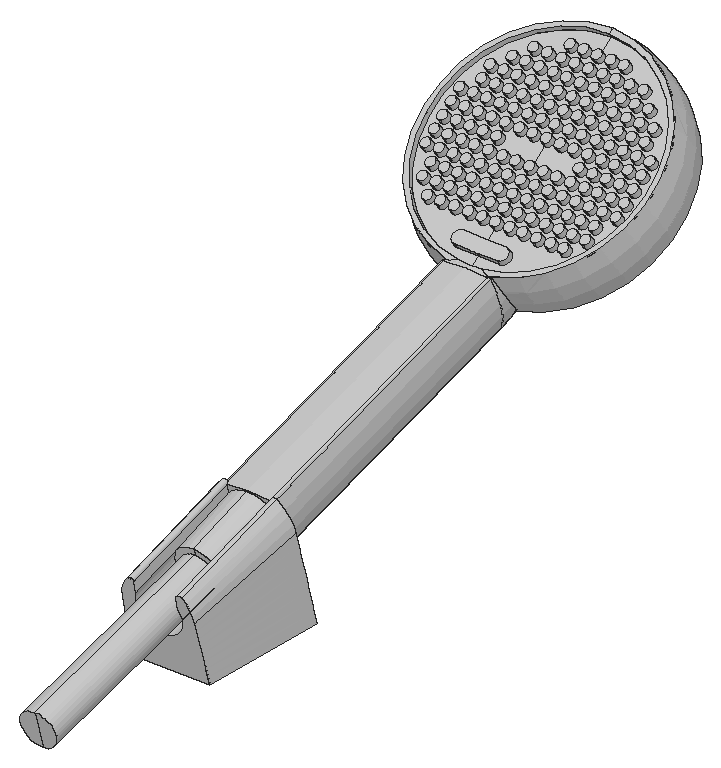
Revit family "Sanitary_Showers_hansgrohe_28052XXX-Activera-Select-S-Shower-holder-set-95_2jet_EcoSmart_shower-hose-125", category Plumbing Fixtures, host Face, Revit 2022
Family settings
  Host = Face
  Round Connector Dimension = Use Diameter
  Part Type = Normal
  OmniClass Number = 23.31.17.00
  OmniClass Title = Showers
  Cut with Voids When Loaded = Yes
  Maintain Annotation Orientation = No
  Shared = No
  Room Calculation Point = No
Parameters (values of type "000 Chrome")
  Version = 1  # constant formula
  URL = "https://www.hansgrohe.com/"
  Product data url = "https://www.bimobject.com/en/hansgrohe/product/28052XXX"
  Product Page URL = "https://www.hansgrohe.com/articledetail--28052000"
  Model = "28052XXX"  # constant formula
  Material 1 = Hansgrohe - Metal - 000 Chrome
  Manufacturer = "Hansgrohe"  # constant formula
  Description = "Activera Select S Shower holder set 95 2jet EcoSmart with shower hose 125 cm"  # constant formula
  Default Elevation = 0 mm
  Date Updated = ""
  Date Created = "2025/02/21"  # constant formula
Types (3, lengths in mm): name | Product Page URL | Material 1
  (no name) | "https://www.hansgrohe.com/articledetail--28052000" | Hansgrohe - Metal - 000 Chrome
  000 Chrome | "https://www.hansgrohe.com/articledetail--28052000" | Hansgrohe - Metal - 000 Chrome
  670 Matt Black | "https://www.hansgrohe.com/articledetail--28052670" | Hansgrohe - Metal - 670 Matte Black
Reference planes
  plane 1 "Center (Front/Back)": y = 0
  plane 2: z = 0
  plane 3 "Center (Left/Right)": x = 0
Forms (mm)
  Blend 1, solid, material "Hansgrohe - Metal - 000 Chrome" <- "Material 1", detail levels fine
    base sketch origin (0, -29.849, 13.242) x (0, 0.241922, -0.970296) y (-1, 0, 0)
      loop
        line (13.647, -16.253) -> (13.647, 16.253) -> (-12.368, 15.194)
        arc (-12.368, 15.194) -> (-17.383, 14.085) -> (-21.703, 11.307) r 14.587
        arc (-21.703, 11.307) -> (-22.063, 9.727) -> (-20.724, 8.814) r 1.439
        line (-20.724, 8.814) -> (-15.955, 8.814)
        arc (-15.955, 8.814) -> (-1.871, 0) -> (-15.955, -8.814) r 9.8
        line (-15.955, -8.814) -> (-20.724, -8.814)
        arc (-20.724, -8.814) -> (-22.063, -9.727) -> (-21.703, -11.307) r 1.439
        arc (-21.703, -11.307) -> (-17.383, -14.085) -> (-12.368, -15.194) r 14.587
        line (-12.368, -15.194) -> (13.647, -16.253)
    top sketch origin (0, -29.849, 13.242) x (0, 0.241922, -0.970296) y (-1, 0, 0)
      loop
        line (-23.359, 9.044) -> (-18.503, 9.044)
        arc (-18.503, 9.044) -> (-4.93, 0) -> (-18.503, -9.044) r 9.8
        line (-18.503, -9.044) -> (-23.359, -9.044)
        arc (-23.359, -9.044) -> (-24.645, -9.891) -> (-24.376, -11.406) r 1.4
        arc (-24.376, -11.406) -> (-18.695, -15.44) -> (-11.904, -16.995) r 17.878
        line (-11.904, -16.995) -> (26.59, -18.113) -> (26.59, 18.113) -> (-11.904, 16.995)
        arc (-11.904, 16.995) -> (-18.695, 15.44) -> (-24.376, 11.406) r 17.878
        arc (-24.376, 11.406) -> (-24.645, 9.891) -> (-23.359, 9.044) r 1.4
    from 0 to 51.91
  Revolve 2, solid, material "Hansgrohe - Metal - 000 Chrome" <- "Material 1", detail levels fine
    sketch origin (0, 0, 0) x (0, 1, 0) y (0, 0, 1)
      loop
        line (-95.68, 7.934) -> (16.753, 38.061) -> (13.743, 49.296) -> (-14.828, 40.013) -> (-14.178, 37.589) -> (-97.634, 15.227) -> (-95.68, 7.934)
      axis (16.753, 38.061) -> (-95.68, 7.934)
    angle from 0 to 360
  Sweep 3, solid, material "Hansgrohe - Metal - 000 Chrome" <- "Material 1", detail levels fine
    path origin (0, 0, 0) x (0, 1, 0) y (0, 0, 1)
      loop
        line (16.771, 37.994) -> (130.749, 71.54)
        arc (130.749, 71.54) -> (134.829, 73.141) -> (138.567, 75.431) r 25
    profile origin (0, 16.771, 37.994) x (0, -0.282341, 0.959314) y (1, 0, 0)
      loop
        arc (10.586, -10.12) -> (11.012, -9.82) -> (11.229, -9.347) r 1
        arc (11.229, -9.347) -> (12.014, 0) -> (11.229, 9.347) r 56.037
        arc (11.229, 9.347) -> (11.012, 9.82) -> (10.586, 10.12) r 1
        arc (10.586, 10.12) -> (0, 11.994) -> (-10.586, 10.12) r 30.835
        arc (-10.586, 10.12) -> (-11.012, 9.82) -> (-11.229, 9.347) r 1
        arc (-11.229, 9.347) -> (-12.014, 0) -> (-11.229, -9.347) r 56.037
        arc (-11.229, -9.347) -> (-11.012, -9.82) -> (-10.586, -10.12) r 1
        arc (-10.586, -10.12) -> (0, -11.994) -> (10.586, -10.12) r 30.835
  Revolve 4, solid, material "Hansgrohe - Metal - 000 Chrome" <- "Material 1", detail levels fine
    sketch origin (0, 0, 0) x (0, 1, 0) y (0, 0, 1)
      loop
        arc (218.266, 119.458) -> (212.668, 130.299) -> (204.087, 138.974) r 40.382
        line (204.087, 138.974) -> (202.453, 137.763) -> (203.859, 135.865) -> (167.081, 108.75) -> (180.835, 90.188)
        arc (180.835, 90.188) -> (199.798, 104.506) -> (218.266, 119.458) r 702.416
      axis (165.741, 110.559) -> (180.835, 90.188)
    angle from 0 to 360
  Revolve 5, void
    sketch origin (0, 0, 0) x (0, 1, 0) y (0, 0, 1)
      loop
        line (169.372, 105.658) -> (206.15, 132.773) -> (200.414, 140.514) -> (163.702, 113.31) -> (169.372, 105.658)
      axis (163.702, 113.31) -> (169.438, 105.569)
    angle from 0 to 360
  Extrusion 6, solid, material "Hansgrohe - Metal - 000 Chrome" <- "Material 1", detail levels fine
    sketch origin (0, 167.147, 108.661) x (0, 0.803459, 0.59536) y (-1, 0, 0)
      loop
        circle (-1.101, 39.597) r 2
      loop
        circle (-1.101, 33.958) r 2
      loop
        circle (-1.101, 28.283) r 2
      loop
        circle (-1.101, 22.759) r 2
      loop
        circle (-1.101, 17.011) r 2
      loop
        circle (4.399, 39.597) r 2
      loop
        circle (4.399, 33.958) r 2
      loop
        circle (4.399, 28.283) r 2
      loop
        circle (4.399, 22.759) r 2
      loop
        circle (4.399, 17.011) r 2
      loop
        circle (4.399, 11.097) r 2
      loop
        circle (4.399, 5.573) r 2
      loop
        circle (4.399, -0.175) r 2
      loop
        circle (9.899, 39.597) r 2
      loop
        circle (9.899, 33.958) r 2
      loop
        circle (9.899, 28.283) r 2
      loop
        circle (9.899, 22.759) r 2
      loop
        circle (9.899, 17.011) r 2
      loop
        circle (9.899, 11.097) r 2
      loop
        circle (9.899, 5.573) r 2
      loop
        circle (9.899, -0.175) r 2
      loop
        circle (15.399, 33.958) r 2
      loop
        circle (15.399, 28.283) r 2
      loop
        circle (15.399, 22.759) r 2
      loop
        circle (15.399, 17.011) r 2
      loop
        circle (15.399, 11.097) r 2
      loop
        circle (15.399, 5.573) r 2
      loop
        circle (15.399, -0.175) r 2
      loop
        circle (20.899, 33.958) r 2
      loop
        circle (20.899, 28.283) r 2
      loop
        circle (20.899, 22.759) r 2
      loop
        circle (20.899, 17.011) r 2
      loop
        circle (20.899, 11.097) r 2
      loop
        circle (20.899, 5.573) r 2
      loop
        circle (20.899, -0.175) r 2
      loop
        circle (26.399, 28.283) r 2
      loop
        circle (26.399, 22.759) r 2
      loop
        circle (26.399, 17.011) r 2
      loop
        circle (26.399, 11.097) r 2
      loop
        circle (26.399, 5.573) r 2
      loop
        circle (26.399, -0.175) r 2
      loop
        circle (31.899, 22.759) r 2
      loop
        circle (31.899, 17.011) r 2
      loop
        circle (31.899, 11.097) r 2
      loop
        circle (31.899, 5.573) r 2
      loop
        circle (31.899, -0.175) r 2
      loop
        circle (37.399, 11.097) r 2
      loop
        circle (37.399, 5.573) r 2
      loop
        circle (37.399, -0.175) r 2
      loop
        circle (-1.101, -39.947) r 2
      loop
        circle (-1.101, -34.307) r 2
      loop
        circle (-1.101, -28.633) r 2
      loop
        circle (-1.101, -23.108) r 2
      loop
        circle (-1.101, -17.361) r 2
      loop
        circle (4.399, -39.947) r 2
      loop
        circle (4.399, -34.307) r 2
      loop
        circle (4.399, -28.633) r 2
      loop
        circle (4.399, -23.108) r 2
      loop
        circle (4.399, -17.361) r 2
      loop
        circle (4.399, -11.447) r 2
      loop
        circle (4.399, -5.922) r 2
      loop
        circle (9.899, -39.947) r 2
      loop
        circle (9.899, -34.307) r 2
      loop
        circle (9.899, -28.633) r 2
      loop
        circle (9.899, -23.108) r 2
      loop
        circle (9.899, -17.361) r 2
      loop
        circle (9.899, -11.447) r 2
      loop
        circle (9.899, -5.922) r 2
      loop
        circle (15.399, -34.307) r 2
      loop
        circle (15.399, -28.633) r 2
      loop
        circle (15.399, -23.108) r 2
      loop
        circle (15.399, -17.361) r 2
      loop
        circle (15.399, -11.447) r 2
      loop
        circle (15.399, -5.922) r 2
      loop
        circle (20.899, -34.307) r 2
      loop
        circle (20.899, -28.633) r 2
      loop
        circle (20.899, -23.108) r 2
      loop
        circle (20.899, -17.361) r 2
      loop
        circle (20.899, -11.447) r 2
      loop
        circle (20.899, -5.922) r 2
      loop
        circle (26.399, -28.633) r 2
      loop
        circle (26.399, -23.108) r 2
      loop
        circle (26.399, -17.361) r 2
      loop
        circle (26.399, -11.447) r 2
      loop
        circle (26.399, -5.922) r 2
      loop
        circle (31.899, -23.108) r 2
      loop
        circle (31.899, -17.361) r 2
      loop
        circle (31.899, -11.447) r 2
      loop
        circle (31.899, -5.922) r 2
      loop
        circle (37.399, -11.447) r 2
      loop
        circle (37.399, -5.922) r 2
      loop
        circle (-6.601, 39.597) r 2
      loop
        circle (-6.601, 33.958) r 2
      loop
        circle (-6.601, 28.283) r 2
      loop
        circle (-6.601, 22.759) r 2
      loop
        circle (-6.601, 17.011) r 2
      loop
        circle (-6.601, 11.097) r 2
      loop
        circle (-6.601, 5.573) r 2
      loop
        circle (-6.601, -0.175) r 2
      loop
        circle (-12.101, 39.597) r 2
      loop
        circle (-12.101, 33.958) r 2
      loop
        circle (-12.101, 28.283) r 2
      loop
        circle (-12.101, 22.759) r 2
      loop
        circle (-12.101, 17.011) r 2
      loop
        circle (-12.101, 11.097) r 2
      loop
        circle (-12.101, 5.573) r 2
      loop
        circle (-12.101, -0.175) r 2
      loop
        circle (-17.601, 33.958) r 2
      loop
        circle (-17.601, 28.283) r 2
      loop
        circle (-17.601, 22.759) r 2
      loop
        circle (-17.601, 17.011) r 2
      loop
        circle (-17.601, 11.097) r 2
      loop
        circle (-17.601, 5.573) r 2
      loop
        circle (-17.601, -0.175) r 2
      loop
        circle (-23.101, 33.958) r 2
      loop
        circle (-23.101, 28.283) r 2
      loop
        circle (-23.101, 22.759) r 2
      loop
        circle (-23.101, 17.011) r 2
      loop
        circle (-23.101, 11.097) r 2
      loop
        circle (-23.101, 5.573) r 2
      loop
        circle (-23.101, -0.175) r 2
      loop
        circle (-28.601, 28.283) r 2
      loop
        circle (-28.601, 22.759) r 2
      loop
        circle (-28.601, 17.011) r 2
      loop
        circle (-28.601, 11.097) r 2
      loop
        circle (-28.601, 5.573) r 2
      loop
        circle (-28.601, -0.175) r 2
      loop
        circle (-6.601, -39.947) r 2
      loop
        circle (-6.601, -34.307) r 2
      loop
        circle (-6.601, -28.633) r 2
      loop
        circle (-6.601, -23.108) r 2
      loop
        circle (-6.601, -17.361) r 2
      loop
        circle (-6.601, -11.447) r 2
      loop
        circle (-6.601, -5.922) r 2
      loop
        circle (-12.101, -39.947) r 2
      loop
        circle (-12.101, -34.307) r 2
      loop
        circle (-12.101, -28.633) r 2
      loop
        circle (-12.101, -23.108) r 2
      loop
        circle (-12.101, -17.361) r 2
      loop
        circle (-12.101, -11.447) r 2
      loop
        circle (-12.101, -5.922) r 2
      loop
        circle (-17.601, -34.307) r 2
      loop
        circle (-17.601, -28.633) r 2
      loop
        circle (-17.601, -23.108) r 2
      loop
        circle (-17.601, -17.361) r 2
      loop
        circle (-17.601, -11.447) r 2
      loop
        circle (-17.601, -5.922) r 2
      loop
        circle (-23.101, -34.307) r 2
      loop
        circle (-23.101, -28.633) r 2
      loop
        circle (-23.101, -23.108) r 2
      loop
        circle (-23.101, -17.361) r 2
      loop
        circle (-23.101, -11.447) r 2
      loop
        circle (-23.101, -5.922) r 2
      loop
        circle (-28.601, -28.633) r 2
      loop
        circle (-28.601, -23.108) r 2
      loop
        circle (-28.601, -17.361) r 2
      loop
        circle (-28.601, -11.447) r 2
      loop
        circle (-28.601, -5.922) r 2
      loop
        arc (-35.319, 8.9) -> (-38.089, 11.669) -> (-40.858, 8.9) r 2.769
        line (-40.858, 8.9) -> (-40.858, 0) -> (-40.858, -8.9)
        arc (-40.858, -8.9) -> (-38.089, -11.669) -> (-35.319, -8.9) r 2.769
        line (-35.319, -8.9) -> (-35.319, 0) -> (-35.319, 8.9)
    from 0 to 2.362
  Blend 7, solid, material "Hansgrohe - Metal - 000 Chrome" <- "Material 1", detail levels coarse+medium
    base sketch origin (0, -29.849, 13.242) x (0, 0.241922, -0.970296) y (-1, 0, 0)
      loop
        line (13.647, -16.253) -> (13.647, 16.253) -> (-12.368, 15.194)
        arc (-12.368, 15.194) -> (-17.677, 13.959) -> (-22.162, 10.861) r 14.587
        line (-22.162, 10.861) -> (-22.162, -10.861)
        arc (-22.162, -10.861) -> (-17.677, -13.959) -> (-12.368, -15.194) r 14.587
        line (-12.368, -15.194) -> (13.647, -16.253)
    top sketch origin (0, -29.849, 13.242) x (0, 0.241922, -0.970296) y (-1, 0, 0)
      loop
        line (26.59, -18.113) -> (26.59, 18.113) -> (-11.904, 16.995)
        arc (-11.904, 16.995) -> (-18.953, 15.322) -> (-24.759, 10.988) r 17.878
        line (-24.759, 10.988) -> (-24.759, -10.988)
        arc (-24.759, -10.988) -> (-18.953, -15.322) -> (-11.904, -16.995) r 17.878
        line (-11.904, -16.995) -> (26.59, -18.113)
    from 0 to 51.91
  Revolve 8, solid, material "Hansgrohe - Metal - 000 Chrome" <- "Material 1", detail levels coarse+medium
    sketch origin (0, 0, 0) x (0, 1, 0) y (0, 0, 1)
      loop
        line (-95.68, 7.934) -> (-32.731, 24.801) -> (-34.558, 32.128) -> (-97.634, 15.227) -> (-95.68, 7.934)
      axis (-32.604, 24.836) -> (-95.68, 7.934)
    angle from 0 to 360
  Sweep 9, solid, material "Hansgrohe - Metal - 000 Chrome" <- "Material 1", detail levels medium
    path origin (0, 0, 0) x (0, 1, 0) y (0, 0, 1)
      loop
        line (16.771, 37.994) -> (130.749, 71.54)
        arc (130.749, 71.54) -> (134.829, 73.141) -> (138.567, 75.431) r 25
    profile origin (0, 16.771, 37.994) x (0, -0.282341, 0.959314) y (1, 0, 0)
      loop
        arc (10.586, -10.12) -> (11.012, -9.82) -> (11.229, -9.347) r 1
        arc (11.229, -9.347) -> (12.014, 0) -> (11.229, 9.347) r 56.037
        arc (11.229, 9.347) -> (11.012, 9.82) -> (10.586, 10.12) r 1
        arc (10.586, 10.12) -> (0, 11.994) -> (-10.586, 10.12) r 30.835
        arc (-10.586, 10.12) -> (-11.012, 9.82) -> (-11.229, 9.347) r 1
        arc (-11.229, 9.347) -> (-12.014, 0) -> (-11.229, -9.347) r 56.037
        arc (-11.229, -9.347) -> (-11.012, -9.82) -> (-10.586, -10.12) r 1
        arc (-10.586, -10.12) -> (0, -11.994) -> (10.586, -10.12) r 30.835
  Revolve 10, solid, material "Hansgrohe - Metal - 000 Chrome" <- "Material 1", detail levels coarse+medium
    sketch origin (0, 0, 0) x (0, 1, 0) y (0, 0, 1)
      loop
        line (180.193, 91.055) -> (219.929, 120.5) -> (205.403, 140.104) -> (165.666, 110.66) -> (180.193, 91.055)
      axis (165.666, 110.66) -> (180.193, 91.055)
    angle from 0 to 360
  Sweep 11, solid, material "Hansgrohe - Metal - 000 Chrome" <- "Material 1", detail levels coarse
    path origin (0, 0, 0) x (0, 1, 0) y (0, 0, 1)
      loop
        line (16.771, 37.994) -> (135.049, 72.805) -> (143.084, 78.759)
    profile origin (0, 16.771, 37.994) x (0, -0.282341, 0.959314) y (1, 0, 0)
      loop
        line (12.014, 11.994) -> (-12.014, 11.994) -> (-12.014, -11.994) -> (12.014, -11.994) -> (12.014, 11.994)
Cuts and joins
  Revolve 5 cuts Sweep 3
  joined: Sweep 3, Revolve 4
Lines and regions (mm)
  Masking region 1
    outline origin (0, 0, 0) x (1, 0, 0) y (0, 0, 1)
      loop
        line (18.113, 0) -> (16.995, 37.35)
        spline (16.995, 37.35) -> (16.929, 38.415) -> (16.796, 39.474) -> (16.596, 40.523) -> (16.33, 41.559) -> (15.999, 42.576) -> (15.604, 43.572) -> (15.147, 44.542) -> (14.629, 45.483) -> (14.053, 46.392) -> (13.42, 47.264) -> (12.733, 48.097) -> (11.994, 48.888)
        line (11.994, 48.888) -> (11.994, 62.49)
        spline (11.994, 62.49) -> (17.211, 63.451) -> (22.219, 64.749) -> (26.955, 66.368) -> (31.363, 68.288) -> (35.388, 70.486) -> (38.982, 72.934) -> (42.1, 75.604) -> (44.705, 78.462) -> (46.765, 81.473) -> (48.254, 84.602) -> (49.155, 87.809) -> (49.457, 91.055)
        arc (49.457, 91.055) -> (50.537, 100.857) -> (49.457, 110.66) r 45
        spline (49.457, 110.66) -> (49.034, 114.503) -> (47.771, 118.28) -> (45.692, 121.927) -> (42.831, 125.382) -> (39.237, 128.584) -> (34.971, 131.48) -> (30.107, 134.019) -> (24.728, 136.159) -> (18.926, 137.863) -> (12.8, 139.101) -> (6.455, 139.852) -> (0, 140.104)
        spline (0, 140.104) -> (-6.455, 139.852) -> (-12.8, 139.101) -> (-18.926, 137.863) -> (-24.728, 136.159) -> (-30.107, 134.019) -> (-34.971, 131.48) -> (-39.237, 128.584) -> (-42.831, 125.382) -> (-45.692, 121.927) -> (-47.771, 118.28) -> (-49.034, 114.503) -> (-49.457, 110.66)
        arc (-49.457, 110.66) -> (-50.537, 100.857) -> (-49.457, 91.055) r 45
        spline (-49.457, 91.055) -> (-49.155, 87.809) -> (-48.254, 84.602) -> (-46.765, 81.473) -> (-44.705, 78.462) -> (-42.1, 75.604) -> (-38.982, 72.934) -> (-35.388, 70.486) -> (-31.363, 68.288) -> (-26.955, 66.368) -> (-22.219, 64.749) -> (-17.211, 63.451) -> (-11.994, 62.49)
        line (-11.994, 62.49) -> (-11.994, 48.888)
        spline (-11.994, 48.888) -> (-12.733, 48.097) -> (-13.42, 47.264) -> (-14.053, 46.392) -> (-14.629, 45.483) -> (-15.147, 44.542) -> (-15.604, 43.572) -> (-15.999, 42.576) -> (-16.33, 41.559) -> (-16.596, 40.523) -> (-16.796, 39.474) -> (-16.929, 38.415) -> (-16.995, 37.35)
        line (-16.995, 37.35) -> (-18.113, 0) -> (18.113, 0)
  Masking region 2
    outline origin (0, 0, 0) x (0, 1, 0) y (0, 0, 1)
      loop
        line (-97.634, 15.227) -> (-93.726, 0.641) -> (-30.904, 17.475) -> (-26.548, 0) -> (26.952, 0) -> (20.339, 26.521) -> (140.282, 61.822)
        arc (140.282, 61.822) -> (160.809, 75.648) -> (180.835, 90.188) r 702.416
        arc (180.835, 90.188) -> (199.798, 104.506) -> (218.266, 119.458) r 702.416
        arc (218.266, 119.458) -> (212.668, 130.299) -> (204.087, 138.974) r 40.382
        line (204.087, 138.974) -> (165.741, 110.559) -> (129.48, 83.69) -> (18.434, 51.007) -> (-35.211, 34.746) -> (-34.558, 32.128) -> (-97.634, 15.227)
  Masking region 3
    outline origin (0, 0, 0) x (1, 0, 0) y (0, 1, 0)
      loop
        arc (8.778, -34.862) -> (10.022, -35.203) -> (11.307, -35.099) r 3.721
        spline (11.307, -35.099) -> (11.874, -34.943) -> (12.401, -34.778) -> (12.888, -34.607) -> (13.332, -34.428) -> (13.731, -34.244) -> (14.085, -34.054) -> (14.393, -33.86) -> (14.652, -33.662) -> (14.862, -33.46) -> (15.023, -33.255) -> (15.134, -33.049) -> (15.194, -32.841)
        line (15.194, -32.841) -> (16.253, -26.548) -> (18.113, 26.952) -> (11.994, 26.952) -> (11.994, 127.116)
        spline (11.994, 127.116) -> (17.211, 128.414) -> (22.219, 130.166) -> (26.955, 132.35) -> (31.363, 134.942) -> (35.388, 137.907) -> (38.982, 141.212) -> (42.1, 144.814) -> (44.705, 148.671) -> (46.765, 152.735) -> (48.254, 156.957) -> (49.155, 161.285) -> (49.457, 165.666)
        arc (49.457, 165.666) -> (49.768, 172.93) -> (49.457, 180.193) r 85
        spline (49.457, 180.193) -> (49.034, 185.38) -> (47.771, 190.478) -> (45.692, 195.399) -> (42.831, 200.061) -> (39.237, 204.383) -> (34.971, 208.291) -> (30.107, 211.718) -> (24.728, 214.606) -> (18.926, 216.905) -> (12.8, 218.575) -> (6.455, 219.589) -> (0, 219.929)
        spline (0, 219.929) -> (-6.455, 219.589) -> (-12.8, 218.575) -> (-18.926, 216.905) -> (-24.728, 214.606) -> (-30.107, 211.718) -> (-34.971, 208.291) -> (-39.237, 204.383) -> (-42.831, 200.061) -> (-45.692, 195.399) -> (-47.771, 190.478) -> (-49.034, 185.38) -> (-49.457, 180.193)
        arc (-49.457, 180.193) -> (-49.768, 172.93) -> (-49.457, 165.666) r 85
        spline (-49.457, 165.666) -> (-49.155, 161.285) -> (-48.254, 156.957) -> (-46.765, 152.735) -> (-44.705, 148.671) -> (-42.1, 144.814) -> (-38.982, 141.212) -> (-35.388, 137.907) -> (-31.363, 134.942) -> (-26.955, 132.35) -> (-22.219, 130.166) -> (-17.211, 128.414) -> (-11.994, 127.116)
        line (-11.994, 127.116) -> (-11.994, 26.952) -> (-18.113, 26.952) -> (-16.253, -26.548) -> (-15.194, -32.841)
        spline (-15.194, -32.841) -> (-15.134, -33.049) -> (-15.023, -33.255) -> (-14.862, -33.46) -> (-14.652, -33.662) -> (-14.393, -33.86) -> (-14.085, -34.054) -> (-13.731, -34.244) -> (-13.332, -34.428) -> (-12.888, -34.607) -> (-12.401, -34.778) -> (-11.874, -34.943) -> (-11.307, -35.099)
        arc (-11.307, -35.099) -> (-10.022, -35.203) -> (-8.778, -34.863) r 3.722
        line (-8.778, -34.863) -> (-8.778, -31.618)
        spline (-8.778, -31.618) -> (-8.693, -31.578) -> (-8.604, -31.538) -> (-8.513, -31.498) -> (-8.418, -31.458) -> (-8.32, -31.42) -> (-8.219, -31.381) -> (-8.115, -31.343) -> (-8.007, -31.306) -> (-7.897, -31.269) -> (-7.784, -31.232) -> (-7.669, -31.196) -> (-7.55, -31.161)
        line (-7.55, -31.161) -> (-7.55, -95.68)
        spline (-7.55, -95.68) -> (-7.485, -95.935) -> (-7.293, -96.186) -> (-6.975, -96.428) -> (-6.538, -96.657) -> (-5.99, -96.87) -> (-5.339, -97.062) -> (-4.596, -97.231) -> (-3.775, -97.373) -> (-2.889, -97.486) -> (-1.954, -97.568) -> (-0.985, -97.618) -> (0, -97.634)
        spline (0, -97.634) -> (0.985, -97.618) -> (1.954, -97.568) -> (2.889, -97.486) -> (3.775, -97.373) -> (4.596, -97.231) -> (5.339, -97.062) -> (5.99, -96.87) -> (6.538, -96.657) -> (6.975, -96.428) -> (7.293, -96.186) -> (7.485, -95.935) -> (7.55, -95.68)
        line (7.55, -95.68) -> (7.55, -31.161)
        spline (7.55, -31.161) -> (7.669, -31.196) -> (7.784, -31.232) -> (7.897, -31.269) -> (8.007, -31.306) -> (8.115, -31.343) -> (8.219, -31.381) -> (8.32, -31.42) -> (8.418, -31.458) -> (8.513, -31.498) -> (8.604, -31.538) -> (8.693, -31.578) -> (8.778, -31.618)
        line (8.778, -31.618) -> (8.778, -34.862)
  symbolic lines, detail levels fine
    curve 1: spline (0, 0, 120.5) -> (6.455, 0, 120.248) -> (12.8, 0, 119.496) -> (18.926, 0, 118.258) -> (24.728, 0, 116.555) -> (30.107, 0, 114.415) -> (34.971, 0, 111.876) -> (39.237, 0, 108.98) -> (42.831, 0, 105.777) -> (45.692, 0, 102.323) -> (47.771, 0, 98.676) -> (49.034, 0, 94.898) -> (49.457, 0, 91.055)
    curve 2: spline (-49.457, 0, 91.055) -> (-49.034, 0, 94.898) -> (-47.771, 0, 98.676) -> (-45.692, 0, 102.323) -> (-42.831, 0, 105.777) -> (-39.237, 0, 108.98) -> (-34.971, 0, 111.876) -> (-30.107, 0, 114.415) -> (-24.728, 0, 116.555) -> (-18.926, 0, 118.258) -> (-12.8, 0, 119.496) -> (-6.455, 0, 120.248) -> (0, 0, 120.5)
    curve 15: spline (0, 205.403, 0) -> (-6.455, 205.063, 0) -> (-12.8, 204.049, 0) -> (-18.926, 202.378, 0) -> (-24.728, 200.079, 0) -> (-30.107, 197.191, 0) -> (-34.971, 193.764, 0) -> (-39.237, 189.856, 0) -> (-42.831, 185.534, 0) -> (-45.692, 180.873, 0) -> (-47.771, 175.951, 0) -> (-49.034, 170.853, 0) -> (-49.457, 165.666, 0)
    curve 22: spline (0, -10.27, 0) -> (-0.985, -10.287, 0) -> (-1.954, -10.337, 0) -> (-2.889, -10.419, 0) -> (-3.775, -10.532, 0) -> (-4.596, -10.674, 0) -> (-5.339, -10.843, 0) -> (-5.99, -11.035, 0) -> (-6.538, -11.247, 0) -> (-6.975, -11.476, 0) -> (-7.293, -11.719, 0) -> (-7.485, -11.969, 0) -> (-7.55, -12.224, 0)
    curve 23: spline (-8.778, -13.496, 0) -> (-8.69, -13.536, 0) -> (-8.599, -13.575, 0) -> (-8.506, -13.614, 0) -> (-8.41, -13.653, 0) -> (-8.311, -13.691, 0) -> (-8.21, -13.729, 0) -> (-8.106, -13.766, 0) -> (-8, -13.803, 0) -> (-7.891, -13.839, 0) -> (-7.78, -13.875, 0) -> (-7.666, -13.91, 0) -> (-7.55, -13.945, 0)
    curve 24: spline (0, 205.403, 0) -> (6.455, 205.063, 0) -> (12.8, 204.049, 0) -> (18.926, 202.378, 0) -> (24.728, 200.079, 0) -> (30.107, 197.191, 0) -> (34.971, 193.764, 0) -> (39.237, 189.856, 0) -> (42.831, 185.534, 0) -> (45.692, 180.873, 0) -> (47.771, 175.951, 0) -> (49.034, 170.853, 0) -> (49.457, 165.666, 0)
    curve 31: spline (0, -10.27, 0) -> (0.985, -10.287, 0) -> (1.954, -10.337, 0) -> (2.889, -10.419, 0) -> (3.775, -10.532, 0) -> (4.596, -10.674, 0) -> (5.339, -10.843, 0) -> (5.99, -11.035, 0) -> (6.538, -11.247, 0) -> (6.975, -11.476, 0) -> (7.293, -11.719, 0) -> (7.485, -11.969, 0) -> (7.55, -12.224, 0)
    curve 32: spline (8.778, -13.496, 0) -> (8.69, -13.536, 0) -> (8.599, -13.575, 0) -> (8.506, -13.614, 0) -> (8.41, -13.653, 0) -> (8.311, -13.691, 0) -> (8.21, -13.729, 0) -> (8.106, -13.766, 0) -> (8, -13.803, 0) -> (7.891, -13.839, 0) -> (7.78, -13.875, 0) -> (7.666, -13.91, 0) -> (7.55, -13.945, 0)
    curve 37: line (7.55, -31.161, 0) -> (7.55, -12.224, 0)
    curve 38: line (-7.55, -31.161, 0) -> (-7.55, -12.224, 0)
  symbolic lines, detail levels medium+fine
    curve 3: spline (11.994, 0, 62.49) -> (10.026, 0, 62.222) -> (8.041, 0, 62.002) -> (6.042, 0, 61.831) -> (4.034, 0, 61.709) -> (2.019, 0, 61.635) -> (0, 0, 61.611) -> (-2.019, 0, 61.635) -> (-4.034, 0, 61.709) -> (-6.042, 0, 61.831) -> (-8.041, 0, 62.002) -> (-10.026, 0, 62.222) -> (-11.994, 0, 62.49)
    curve 4: spline (-9.347, 0, 27.222) -> (-7.801, 0, 26.993) -> (-6.248, 0, 26.804) -> (-4.69, 0, 26.658) -> (-3.129, 0, 26.553) -> (-1.565, 0, 26.49) -> (0, 0, 26.469) -> (1.565, 0, 26.49) -> (3.129, 0, 26.553) -> (4.69, 0, 26.658) -> (6.248, 0, 26.804) -> (7.801, 0, 26.993) -> (9.347, 0, 27.222)
    curve 5: spline (9.347, 0, 27.222) -> (9.433, 0, 27.24) -> (9.517, 0, 27.265) -> (9.598, 0, 27.297) -> (9.676, 0, 27.335) -> (9.75, 0, 27.38) -> (9.82, 0, 27.431) -> (9.885, 0, 27.487) -> (9.945, 0, 27.549) -> (9.998, 0, 27.616) -> (10.045, 0, 27.687) -> (10.086, 0, 27.761) -> (10.12, 0, 27.839)
    curve 6: spline (10.12, 0, 27.839) -> (10.411, 0, 28.64) -> (10.679, 0, 29.448) -> (10.922, 0, 30.264) -> (11.141, 0, 31.085) -> (11.335, 0, 31.913) -> (11.505, 0, 32.745) -> (11.649, 0, 33.582) -> (11.768, 0, 34.423) -> (11.863, 0, 35.266) -> (11.931, 0, 36.112) -> (11.975, 0, 36.959) -> (11.993, 0, 37.807)
    curve 7: spline (-10.12, 0, 27.839) -> (-10.086, 0, 27.761) -> (-10.045, 0, 27.687) -> (-9.998, 0, 27.616) -> (-9.945, 0, 27.549) -> (-9.885, 0, 27.487) -> (-9.82, 0, 27.431) -> (-9.75, 0, 27.38) -> (-9.676, 0, 27.335) -> (-9.598, 0, 27.297) -> (-9.517, 0, 27.265) -> (-9.433, 0, 27.24) -> (-9.347, 0, 27.222)
    curve 8: spline (-11.994, 0, 37.994) -> (-11.981, 0, 37.131) -> (-11.941, 0, 36.268) -> (-11.876, 0, 35.406) -> (-11.784, 0, 34.547) -> (-11.666, 0, 33.69) -> (-11.522, 0, 32.838) -> (-11.352, 0, 31.989) -> (-11.156, 0, 31.146) -> (-10.935, 0, 30.309) -> (-10.688, 0, 29.478) -> (-10.417, 0, 28.654) -> (-10.12, 0, 27.839)
    curve 9: line (11.993, 0, 48.887) -> (11.993, 0, 37.807)
    curve 10: line (-11.994, 0, 48.888) -> (-11.994, 0, 37.994)
    curve 11: arc (0, 141.938, 62.899) -> (0, 133.195, 71.41) -> (0, 127.394, 82.145) r 40.382
    curve 12: line (0, 127.394, 82.145) -> (0, 129.48, 83.69)
    curve 13: line (0, 20.339, 26.521) -> (0, 14.529, 49.824)
    curve 14: line (0, -34.558, 32.128) -> (0, -30.904, 17.475)
    curve 16: line (-18.113, 26.952, 0) -> (-16.995, 17.639, 0)
    curve 17: spline (-16.995, 17.639, 0) -> (-16.918, 17.345, 0) -> (-16.758, 17.052, 0) -> (-16.516, 16.763, 0) -> (-16.193, 16.478, 0) -> (-15.79, 16.199, 0) -> (-15.31, 15.928, 0) -> (-14.754, 15.665, 0) -> (-14.125, 15.412, 0) -> (-13.426, 15.17, 0) -> (-12.661, 14.94, 0) -> (-11.833, 14.723, 0) -> (-10.945, 14.52, 0)
    curve 18: spline (0, 13.379, 0) -> (-0.783, 13.381, 0) -> (-1.565, 13.385, 0) -> (-2.347, 13.393, 0) -> (-3.129, 13.404, 0) -> (-3.91, 13.418, 0) -> (-4.69, 13.435, 0) -> (-5.47, 13.455, 0) -> (-6.248, 13.478, 0) -> (-7.025, 13.504, 0) -> (-7.801, 13.533, 0) -> (-8.575, 13.566, 0) -> (-9.347, 13.601, 0)
    curve 19: spline (-9.347, 13.601, 0) -> (-9.433, 13.606, 0) -> (-9.517, 13.613, 0) -> (-9.598, 13.623, 0) -> (-9.676, 13.634, 0) -> (-9.75, 13.647, 0) -> (-9.82, 13.662, 0) -> (-9.885, 13.679, 0) -> (-9.945, 13.697, 0) -> (-9.998, 13.717, 0) -> (-10.045, 13.738, 0) -> (-10.086, 13.76, 0) -> (-10.12, 13.782, 0)
    curve 20: spline (-10.12, 13.782, 0) -> (-10.417, 14.022, 0) -> (-10.688, 14.265, 0) -> (-10.935, 14.509, 0) -> (-11.156, 14.756, 0) -> (-11.352, 15.004, 0) -> (-11.522, 15.254, 0) -> (-11.666, 15.505, 0) -> (-11.784, 15.757, 0) -> (-11.876, 16.01, 0) -> (-11.941, 16.263, 0) -> (-11.981, 16.517, 0) -> (-11.994, 16.771, 0)
    curve 21: line (-11.994, 16.771, 0) -> (-11.994, 26.952, 0)
    curve 25: line (18.113, 26.952, 0) -> (16.995, 17.639, 0)
    curve 26: spline (16.995, 17.639, 0) -> (16.918, 17.345, 0) -> (16.758, 17.052, 0) -> (16.516, 16.763, 0) -> (16.193, 16.478, 0) -> (15.79, 16.199, 0) -> (15.31, 15.928, 0) -> (14.754, 15.665, 0) -> (14.125, 15.412, 0) -> (13.426, 15.17, 0) -> (12.661, 14.94, 0) -> (11.833, 14.723, 0) -> (10.945, 14.52, 0)
    curve 27: spline (0, 13.379, 0) -> (0.783, 13.381, 0) -> (1.565, 13.385, 0) -> (2.347, 13.393, 0) -> (3.129, 13.404, 0) -> (3.91, 13.418, 0) -> (4.69, 13.435, 0) -> (5.47, 13.455, 0) -> (6.248, 13.478, 0) -> (7.025, 13.504, 0) -> (7.801, 13.533, 0) -> (8.575, 13.566, 0) -> (9.347, 13.601, 0)
    curve 28: spline (9.347, 13.601, 0) -> (9.433, 13.606, 0) -> (9.517, 13.613, 0) -> (9.598, 13.623, 0) -> (9.676, 13.634, 0) -> (9.75, 13.647, 0) -> (9.82, 13.662, 0) -> (9.885, 13.679, 0) -> (9.945, 13.697, 0) -> (9.998, 13.717, 0) -> (10.045, 13.738, 0) -> (10.086, 13.76, 0) -> (10.12, 13.782, 0)
    curve 29: spline (10.12, 13.782, 0) -> (10.417, 14.022, 0) -> (10.688, 14.265, 0) -> (10.935, 14.509, 0) -> (11.156, 14.756, 0) -> (11.352, 15.004, 0) -> (11.522, 15.254, 0) -> (11.666, 15.505, 0) -> (11.784, 15.757, 0) -> (11.876, 16.01, 0) -> (11.941, 16.263, 0) -> (11.981, 16.517, 0) -> (11.994, 16.771, 0)
    curve 30: line (11.994, 16.771, 0) -> (11.994, 26.952, 0)
    curve 33: spline (-11.994, 127.116, 0) -> (-11.012, 126.927, 0) -> (-10.026, 126.755, 0) -> (-9.035, 126.599, 0) -> (-8.041, 126.459, 0) -> (-7.043, 126.335, 0) -> (-6.042, 126.228, 0) -> (-5.039, 126.137, 0) -> (-4.034, 126.062, 0) -> (-3.027, 126.004, 0) -> (-2.019, 125.963, 0) -> (-1.009, 125.938, 0) -> (0, 125.93, 0)
    curve 34: spline (11.994, 127.116, 0) -> (11.012, 126.927, 0) -> (10.026, 126.755, 0) -> (9.035, 126.599, 0) -> (8.041, 126.459, 0) -> (7.043, 126.335, 0) -> (6.042, 126.228, 0) -> (5.039, 126.137, 0) -> (4.034, 126.062, 0) -> (3.027, 126.004, 0) -> (2.019, 125.963, 0) -> (1.009, 125.938, 0) -> (0, 125.93, 0)
    curve 35: line (-8.778, -31.618, 0) -> (-8.778, 13.575, 0)
    curve 36: line (8.778, -31.618, 0) -> (8.778, 13.575, 0)
Dimensions and locks
  aligned and locked: plane 2 to host face
  aligned and locked: level to host face
